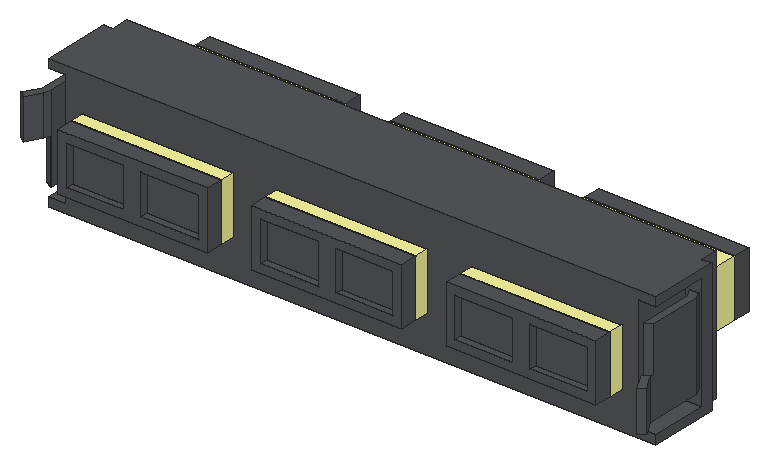
Revit family "SC Duplex 6 fibers", category Installations électriques, Revit 2020
Family settings
  Conserver l'orientation des annotations = Non
  Cote de connecteur circulaire = Utiliser le diamètre
  Type d'élément = Normal
  Basée sur le plan de construction = Non
  Toujours verticalement = Oui
  Couper avec des vides une fois chargée = Non
  Partagée = Non
  Point de calcul de pièce = Non
Parameters (values of type "SC Duplex block 6 fibers multimode")
  Width of the connectors = 26 mm
  Width (mm) = 108.8 mm
  Type of connector interior = "SC_DUPLEX"
  Type of connector external = "SC_DUPLEX"
  Storage temperature = "-10°C à 60°C"
  RAL Number = "9017"
  Operating temperature = "-10°C à 60°C"
  Opening width = 6 mm
  Opening height = 6.5 mm
  Number of connectors = 6
  Legrand part number = "032120"
  IP = "IP20"
  IK = "IK04"
  Height of the connectors = 10 mm
  Height = 23 mm
  Function = "Patch panels with optical connector Legrand"
  Fiber optic type = "Multimode"
  Elévation par défaut = 0 mm
  ETIM class = "EC001130"
  EAN = "3414970961815"
  E-catalogue link = "https://www.legrand.fr/reference/032120/pro"
  Depth = 33.3 mm
  Colour of the connectors = IDS_JAUNE
  Color = IDS_NOIR
  BIM wording = "SC Duplex block 6 fibers multimode"
Types (3, lengths in mm): name | Legrand part number | Fiber optic type | EAN | E-catalogue link | Colour of the connectors | BIM wording
  SC Duplex block 6 fibers monomode | "032110" | "Single mode" | "3414970961655" | "https://www.legrand.fr/reference/032110/pro" | IDS_BLEU | "SC Duplex block 6 fibers monomode"
  SC APC Duplex block 6 fibers monomode | "032112" | "Single mode" | "3414970961693" | "https://www.legrand.fr/reference/032112/pro" | IDS_VERT | "SC APC Duplex block 6 fibers monomode"
  SC Duplex block 6 fibers multimode | "032120" | "Multimode" | "3414970961815" | "https://www.legrand.fr/reference/032120/pro" | IDS_JAUNE | "SC Duplex block 6 fibers multimode"
Reference planes
  plane 1 "Centre (avant/arrière)": y = 0
  plane 2: z = 0
  plane 3 "Centre (gauche/droite)": x = 0
  plane 4 "Clip bas": z = 4
  plane 5 "Clip haut": z = 19
  plane 6: x = 105.5
  plane 7: x = 52.75
  plane 8: through (0.797, -2.504, 1200) normal (-0.866, 0.5, 0)
  plane 9: z = 6.5
  plane 10: z = 16.5
  plane 11: x = 6
  plane 12: x = 32
  plane 13: z = 23
  plane 14: x = 39.75
  plane 15: x = 65.75
  plane 16: x = 73.5
  plane 17: x = 99.5
  plane 18: y = -2.5
  plane 19: y = 24.5
  plane 20: y = 11
Forms (mm)
  Extrusion 1, solid, material "IDS_NOIR" <- "Color"
    sketch origin (0, 0, 0) x (1, 0, 0) y (0, 1, 0)
      loop
        line (0, 0) -> (105.5, 0) -> (105.5, 12) -> (103.9, 12) -> (103.9, 15) -> (1.6, 15) -> (1.6, 12) -> (0, 12) -> (0, 0)
    from 0 to 23
  Extrusion 2, void
    sketch origin (0, 0, 0) x (-1, 0, 0) y (0, 0, 1)
      loop
        line (0, 21.5) -> (-3, 21.5) -> (-3, 1.5) -> (0, 1.5) -> (0, 21.5)
      loop
        line (-105.5, 21.5) -> (-105.5, 1.5) -> (-102.5, 1.5) -> (-102.5, 21.5) -> (-105.5, 21.5)
    from 0 to 10
  Extrusion 3, solid, material "IDS_NOIR"
    sketch origin (0, 25.162, 4) x (0, 1, 0) y (-1, 0, 0)
      loop
        line (-29.912, 0.5) -> (-27.374, -0.965)
        arc (-27.374, -0.965) -> (-26.771, -1.215) -> (-26.124, -1.3) r 2.5
        line (-26.124, -1.3) -> (-16.662, -1.3) -> (-15.162, -2.166) -> (-15.162, -0.665) -> (-16.313, 0) -> (-26.446, 0) -> (-29.262, 1.626) -> (-29.912, 0.5)
      loop
        line (-29.912, -106) -> (-29.262, -107.126) -> (-26.446, -105.5) -> (-16.313, -105.5) -> (-15.162, -104.835) -> (-15.162, -103.334) -> (-16.662, -104.2) -> (-26.124, -104.2)
        arc (-26.124, -104.2) -> (-26.771, -104.285) -> (-27.374, -104.535) r 2.5
        line (-27.374, -104.535) -> (-29.912, -106)
    from 0 to 15
  Extrusion 4, void
    sketch origin (0.797, -2.504, 1200) x (0.5, 0.866025, 0) y (0, 0, 1)
      loop
        line (-2.593, -1196) -> (1.407, -1196) -> (1.407, -1188) -> (-2.593, -1188) -> (-2.593, -1196)
    from 0 to -2.615
  Extrusion 5, void
    sketch origin (104.703, -2.504, 1200) x (-0.5, 0.866025, 0) y (0, 0, -1)
      loop
        line (-2.593, 1181) -> (1.407, 1181) -> (1.407, 1189) -> (-2.593, 1189) -> (-2.593, 1181)
    from 0 to -2.615
  Extrusion 6, void
    sketch origin (2.941, 0, 0) x (-1, 0, 0) y (0, 0, 1)
      loop
        line (-3.059, 16.5) -> (-29.059, 16.5) -> (-29.059, 6.5) -> (-3.059, 6.5) -> (-3.059, 16.5)
      loop
        line (-36.809, 6.5) -> (-36.809, 16.5) -> (-62.809, 16.5) -> (-62.809, 6.5) -> (-36.809, 6.5)
      loop
        line (-70.559, 16.5) -> (-96.559, 16.5) -> (-96.559, 6.5) -> (-70.559, 6.5) -> (-70.559, 16.5)
    from 0 to 15
  Extrusion 7, solid, material "IDS_JAUNE" <- "Colour of the connectors"
    sketch origin (3.409, -2.5, 1200) x (-1, 0, 0) y (0, 0, 1)
      loop
        line (-2.591, -1183.5) -> (-28.591, -1183.5) -> (-28.591, -1193.5) -> (-2.591, -1193.5) -> (-2.591, -1183.5)
      loop
        line (-70.091, -1183.5) -> (-96.091, -1183.5) -> (-96.091, -1193.5) -> (-70.091, -1193.5) -> (-70.091, -1183.5)
      loop
        line (-62.341, -1193.5) -> (-36.341, -1193.5) -> (-36.341, -1183.5) -> (-62.341, -1183.5) -> (-62.341, -1193.5)
    from 0 to 27
  Extrusion 8, solid, material "IDS_NOIR"
    sketch origin (3.409, -2.5, 1200) x (-1, 0, 0) y (0, 0, 1)
      loop
        line (-2.591, -1183.5) -> (-28.591, -1183.5) -> (-28.591, -1193.5) -> (-2.591, -1193.5) -> (-2.591, -1183.5)
      loop
        line (-36.341, -1183.5) -> (-62.341, -1183.5) -> (-62.341, -1193.5) -> (-36.341, -1193.5) -> (-36.341, -1183.5)
      loop
        line (-70.091, -1183.5) -> (-96.091, -1183.5) -> (-96.091, -1193.5) -> (-70.091, -1193.5) -> (-70.091, -1183.5)
    from 0 to -3
  Extrusion 9, void
    sketch origin (3.409, -5.5, 1200) x (-1, 0, 0) y (0, 0, 1)
      loop
        line (-17.091, -1185) -> (-27.091, -1185) -> (-27.091, -1192) -> (-17.091, -1192) -> (-17.091, -1185)
      loop
        line (-4.091, -1192) -> (-4.091, -1185) -> (-14.091, -1185) -> (-14.091, -1192) -> (-4.091, -1192)
      loop
        line (-81.591, -1185) -> (-81.591, -1192) -> (-71.591, -1192) -> (-71.591, -1185) -> (-81.591, -1185)
      loop
        line (-94.591, -1192) -> (-84.591, -1192) -> (-84.591, -1185) -> (-94.591, -1185) -> (-94.591, -1192)
      loop
        line (-60.841, -1185) -> (-60.841, -1192) -> (-50.841, -1192) -> (-50.841, -1185) -> (-60.841, -1185)
      loop
        line (-37.841, -1185) -> (-47.841, -1185) -> (-47.841, -1192) -> (-37.841, -1192) -> (-37.841, -1185)
    from 0 to 1.3
  Extrusion 10, solid, material "IDS_NOIR"
    sketch origin (3.409, 24.5, 1200) x (-1, 0, 0) y (0, 0, -1)
      loop
        line (-2.591, 1183.5) -> (-2.591, 1193.5) -> (-28.591, 1193.5) -> (-28.591, 1183.5) -> (-2.591, 1183.5)
      loop
        line (-36.341, 1183.5) -> (-36.341, 1193.5) -> (-62.341, 1193.5) -> (-62.341, 1183.5) -> (-36.341, 1183.5)
      loop
        line (-70.091, 1183.5) -> (-70.091, 1193.5) -> (-96.091, 1193.5) -> (-96.091, 1183.5) -> (-70.091, 1183.5)
    from 0 to -3
  Extrusion 11, void
    sketch origin (3.409, 27.5, 1200) x (-1, 0, 0) y (0, 0, -1)
      loop
        line (-17.091, 1185) -> (-17.091, 1192) -> (-27.091, 1192) -> (-27.091, 1185) -> (-17.091, 1185)
      loop
        line (-4.091, 1192) -> (-14.091, 1192) -> (-14.091, 1185) -> (-4.091, 1185) -> (-4.091, 1192)
      loop
        line (-81.591, 1185) -> (-71.591, 1185) -> (-71.591, 1192) -> (-81.591, 1192) -> (-81.591, 1185)
      loop
        line (-94.591, 1192) -> (-94.591, 1185) -> (-84.591, 1185) -> (-84.591, 1192) -> (-94.591, 1192)
      loop
        line (-60.841, 1185) -> (-50.841, 1185) -> (-50.841, 1192) -> (-60.841, 1192) -> (-60.841, 1185)
      loop
        line (-37.841, 1185) -> (-37.841, 1192) -> (-47.841, 1192) -> (-47.841, 1185) -> (-37.841, 1185)
    from 0 to 1.3
Cuts and joins
  Extrusion 2, Extrusion 6 cuts Extrusion 1
  Extrusion 4, Extrusion 5 cuts Extrusion 3
  Extrusion 9, Extrusion 11 cuts Extrusion 8
  Extrusion 11 cuts Extrusion 10
Dimensions and locks
  locked: plane 1 "Centre (avant/arrière)" to Extrusion 1 sketch curve at 15
  locked: Extrusion 1 sketch curve to Extrusion 1 sketch curve at 105.5
  locked: Extrusion 1 sketch curve to Extrusion 1 sketch curve at 1.6  (x2)
  locked: Extrusion 1 sketch curve to Extrusion 1 sketch curve at 12
  locked: Extrusion 2 sketch curve to level at 1.5
  locked: Extrusion 1 to Extrusion 2 sketch curve at 1.5
  locked: Extrusion 2 sketch curve to plane 3 "Centre (gauche/droite)" at 3
  locked: Extrusion 2 sketch curve to Extrusion 1 at 3
  plane 4 "Clip bas" to level = 4 mm
  cut or joined group of Extrusion 1, Extrusion 2, Extrusion 6 to plane 5 "Clip haut" = 4 mm
  locked: Extrusion 3 sketch curve to plane 3 "Centre (gauche/droite)" at 0.5
  locked: Extrusion 3 sketch curve to plane 1 "Centre (avant/arrière)" at 4.75
  locked: plane 3 "Centre (gauche/droite)" to Extrusion 3 sketch curve at 1.3
  plane 1 "Centre (avant/arrière)" to Extrusion 3 sketch curve = 8.5 mm
  equal spacing: plane 3 "Centre (gauche/droite)", plane 7, plane 6, locked at 52.75 each
  locked: Extrusion 3 to Extrusion 4 sketch curve at 4
  locked: Extrusion 3 to Extrusion 4 sketch curve at 8
  cut or joined group of Extrusion 3, Extrusion 4, Extrusion 5 to Extrusion 5 sketch curve = 8 mm
  Extrusion 5 sketch curve to cut or joined group of Extrusion 3, Extrusion 4, Extrusion 5 = 4 mm
  "Opening height": plane 9 to level
  "Height of the connectors": plane 10 to plane 9
  "Opening width": plane 11 to plane 3 "Centre (gauche/droite)"
  "Width of the connectors": plane 11 to plane 12
  locked: plane 13 to level at 23
  "Width of the connectors": plane 14 to plane 15
  plane 12 to plane 14 = 7.75 mm
  plane 15 to plane 16 = 7.75 mm
  "Width of the connectors": plane 16 to plane 17
  locked: plane 18 to cut or joined group of Extrusion 1, Extrusion 2, Extrusion 6 at 2.5
  locked: plane 19 to cut or joined group of Extrusion 1, Extrusion 2, Extrusion 6 at 9.5
  equal spacing: plane 19, plane 20, plane 18, locked at 13.5 each
  locked: cut or joined group of Extrusion 1, Extrusion 2, Extrusion 6 to Extrusion 3 sketch curve (angle 60.00°)
  aligned and locked: level to plane 2
  aligned and locked: plane 5 "Clip haut" to Extrusion 3
  aligned and locked: Extrusion 3 to plane 4 "Clip bas"
  aligned and locked: plane 6 to cut or joined group of Extrusion 1, Extrusion 2, Extrusion 6
  aligned and locked: Extrusion 4 sketch curve to Extrusion 3
  aligned and locked: Extrusion 3 to Extrusion 4 sketch curve
  aligned and locked: plane 8 to Extrusion 3
  aligned and locked: Extrusion 5 sketch curve to cut or joined group of Extrusion 3, Extrusion 4, Extrusion 5
  aligned and locked: plane 13 to cut or joined group of Extrusion 1, Extrusion 2, Extrusion 6
  aligned and locked: Extrusion 6 to plane 9
  aligned and locked: plane 10 to Extrusion 6
  aligned and locked: plane 11 to Extrusion 6
  aligned and locked: Extrusion 6 to plane 12
  aligned and locked: plane 9 to Extrusion 6 sketch curve
  aligned and locked: Extrusion 6 sketch curve to plane 14
  aligned and locked: Extrusion 6 sketch curve to plane 10
  aligned and locked: plane 15 to Extrusion 6 sketch curve
  aligned and locked: plane 10 to Extrusion 6 sketch curve
  aligned and locked: plane 16 to Extrusion 6 sketch curve
  aligned and locked: Extrusion 6 sketch curve to plane 9
  aligned and locked: plane 17 to Extrusion 6 sketch curve
  aligned and locked: Extrusion 1 to Extrusion 6
  aligned and locked: Extrusion 7 sketch curve to cut or joined group of Extrusion 1, Extrusion 2, Extrusion 6  (x11)
  aligned and locked: plane 19 to Extrusion 7
  aligned and locked: Extrusion 8 sketch curve to Extrusion 7  (x12)
  aligned and locked: Extrusion 2 sketch curve to Extrusion 2 sketch curve  (x2)
Automatic sketch dimensions
  plane 1 "Centre (avant/arrière)" to Extrusion 1 sketch curve = 0 mm
  Extrusion 1 sketch curve to plane 3 "Centre (gauche/droite)" = 0 mm
  plane 20 to Extrusion 1 sketch curve = 1 mm
  Extrusion 3 sketch curve to plane 6 = 0 mm
  Extrusion 3 sketch curve to plane 3 "Centre (gauche/droite)" = 0 mm
  Extrusion 3 sketch curve to plane 6 = 0.5 mm
  Extrusion 3 sketch curve to plane 18 = 2.25 mm
  Extrusion 3 sketch curve to Extrusion 3 sketch curve = 0.65 mm  (x2)
  plane 18 to Extrusion 3 sketch curve = 0.288 mm  (x2)
  plane 18 to Extrusion 3 sketch curve = 1.216 mm
  plane 1 "Centre (avant/arrière)" to Extrusion 3 sketch curve = 0.962 mm  (x2)
  Extrusion 3 sketch curve to plane 20 = 2.5 mm
  Extrusion 3 sketch curve to Extrusion 3 sketch curve = 0.348 mm  (x2)
  Extrusion 3 sketch curve to plane 20 = 1 mm  (x2)
  Extrusion 3 sketch curve to plane 6 = 1.2 mm
  plane 6 to Extrusion 3 sketch curve = 0.665 mm
  Extrusion 3 sketch curve to Extrusion 3 sketch curve = 1.501 mm
  Extrusion 3 sketch curve to Extrusion 3 sketch curve = 0.866 mm
  plane 3 "Centre (gauche/droite)" to Extrusion 3 sketch curve = 0.665 mm
  Extrusion 5 sketch curve to Extrusion 5 sketch curve = 4 mm
  Extrusion 6 sketch curve to plane 9 = 0 mm
  Extrusion 6 sketch curve to plane 12 = 0 mm
  Extrusion 6 sketch curve to plane 10 = 0 mm
  plane 11 to Extrusion 6 sketch curve = 0 mm
  plane 15 to Extrusion 7 sketch curve = 0 mm
  Extrusion 8 to Extrusion 9 sketch curve = 1.5 mm  (x18)
  Extrusion 9 sketch curve to Extrusion 9 sketch curve = 3 mm  (x3)
  Extrusion 9 sketch curve to Extrusion 9 sketch curve = 10 mm  (x3)
  Extrusion 10 sketch curve to plane 9 = 0 mm  (x3)
  Extrusion 10 sketch curve to plane 17 = 0 mm
  plane 16 to Extrusion 10 sketch curve = 0 mm
  plane 15 to Extrusion 10 sketch curve = 0 mm
  plane 14 to Extrusion 10 sketch curve = 0 mm
  plane 12 to Extrusion 10 sketch curve = 0 mm
  plane 11 to Extrusion 10 sketch curve = 0 mm
  Extrusion 10 sketch curve to plane 10 = 0 mm  (x3)
  Extrusion 10 to Extrusion 11 sketch curve = 1.5 mm  (x18)
  Extrusion 11 sketch curve to Extrusion 11 sketch curve = 3 mm  (x3)
  Extrusion 11 sketch curve to Extrusion 11 sketch curve = 10 mm  (x3)
  plane 6 to Extrusion 2 sketch curve = 0 mm
  Extrusion 2 sketch curve to plane 3 "Centre (gauche/droite)" = 0 mm
